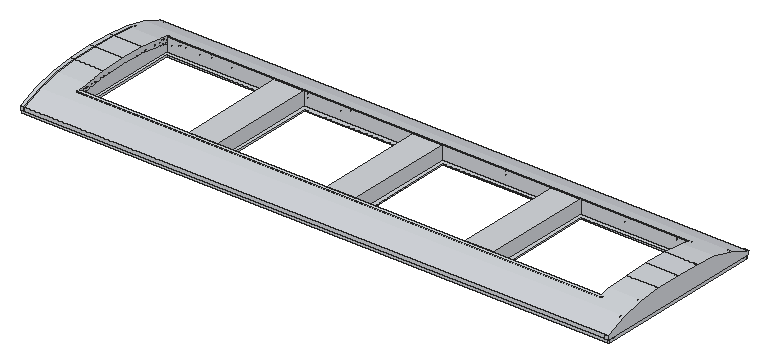
Revit family "Gira_021408", category Electrical Fixtures, host Face, Revit 2017
Family settings
  Host = Face
  Maintain Annotation Orientation = No
  Round Connector Dimension = Use Diameter
  Part Type = Normal
  Cut with Voids When Loaded = No
  Shared = No
  Room Calculation Point = No
Parameters (values of type "Cov.fr. 4-g interm.fr. AN Gira Event anthra.")
  With mounting grid = "No"
  With hinged lid = "No"
  URL = "http://katalog.gira.de/en/datenblatt.html?artikelnr=021408"
  Type of fastening = "Clamping/screw mounting"
  Transparent = "No"
  Surface protection = "Other"
  Suitable for wall duct = "No"
  Suitable for flush-mounted installation = "Yes"
  Suitable for floor box = "No"
  Suitable for built-in installation = "No"
  Number of units vertical = "4"
  Number of units horizontal = "4"
  Number of units = "4"
  Name = "Cov.fr. 4-g interm.fr. AN Gira Event anthra."
  Mounting direction = "Horizontal and vertical"
  Material quality = "Thermoplastic"
  Material = "Plastic"
  Manufacturer URL = "https://www.gira.de/"
  Manufacturer = "Gira"
  Label space/information surface = "No"
  Keynote = ""
  HeinzeBIM = "https://bimportal.heinze.de/bim/cov-fr-4-g-interm-fr-an-gira-event-anthra-/8ce235fbb7c2bad4573b0f094711a054ee8a3f30"
  Halogen free = "Yes"
  HAN = "021408"
  GTIN = "4010337214083"
  Description = "Cov.fr.4g i.fr.AN Event AN,Gira Event frames,anthracite with anthracite intermediate frame,4-gang,Features:,- Shatter-proof."
  Degree of protection (IP) = "IP20"
  Default Elevation = 1219.2 mm
  Data sheet (1) = "https://katalog.gira.de/en/download.html?artikelnr=021408"
  Colour = "Anthracite"
  Category = "Cover frame for domestic switching devices"
  BIM (1) = "https://media.stage.bim.site/public/gira/36a6b08/Event_Rahmen_4fach.rfa"
  Available = "No"
Reference planes
  plane 1 "Center (Front/Back)": y = 0
  plane 2: z = 0
  plane 3 "Center (Left/Right)": x = 0
Forms (mm)
  Extrusion 1, solid, detail levels fine
    sketch origin (0, 0, 0.05) x (0, 1, 0) y (0, 0, 1)
      loop
        arc (12.445, 9.683) -> (6.223, 9.833) -> (0, 9.85) r 291.636
        arc (0, 9.85) -> (-6.223, 9.833) -> (-12.445, 9.683) r 291.636
        arc (-12.445, 9.683) -> (-29.14, 7.482) -> (-45, 1.823) r 79.728
        line (-45, 1.823) -> (-45, -0.05) -> (-42.086, -0.05)
        arc (-42.086, -0.05) -> (-21.385, 5.559) -> (0, 7.206) r 114.424
        arc (0, 7.206) -> (21.385, 5.559) -> (42.086, -0.05) r 114.424
        line (42.086, -0.05) -> (45, -0.05) -> (45, 1.823)
        arc (45, 1.823) -> (29.14, 7.482) -> (12.445, 9.683) r 79.728
    from -151.95 to 151.935
  Extrusion 2, void, detail levels fine
    sketch origin (0, 0, 0) x (1, 0, 0) y (0, 1, 0)
      loop
        line (134.95, 28.035) -> (-134.95, 28.035) -> (-134.95, -28.035) -> (134.95, -28.035) -> (134.95, 28.035)
    from 0.724 to 11
  Extrusion 3, solid, detail levels coarse
    sketch origin (0, 0, 0) x (1, 0, 0) y (0, 1, 0)
      loop
        line (-151.95, 45) -> (-151.95, -45) -> (151.935, -45) -> (151.935, 45) -> (-151.95, 45)
    from -1.5 to 9.9
  Extrusion 4, solid, detail levels medium
    sketch origin (0, 0, 0.05) x (0, 1, 0) y (0, 0, 1)
      loop
        arc (12.445, 9.683) -> (6.223, 9.833) -> (0, 9.85) r 291.636
        arc (0, 9.85) -> (-6.223, 9.833) -> (-12.445, 9.683) r 291.636
        arc (-12.445, 9.683) -> (-29.14, 7.482) -> (-45, 1.823) r 79.728
        line (-45, 1.823) -> (-45, -0.05) -> (45, -0.05) -> (45, 1.823)
        arc (45, 1.823) -> (29.14, 7.482) -> (12.445, 9.683) r 79.728
    from -151.95 to 151.935
  Extrusion 5, solid, detail levels fine
    sketch origin (-106.95, 0, -1.5) x (0, 1, 0) y (0, 0, -1)
      loop
        line (45, -3.373) -> (45, -1.5) -> (-45, -1.5) -> (-45, -3.373)
        arc (-45, -3.373) -> (-29.14, -9.032) -> (-12.445, -11.233) r 79.728
        arc (-12.445, -11.233) -> (-6.223, -11.383) -> (0, -11.4) r 291.636
        arc (0, -11.4) -> (6.223, -11.383) -> (12.445, -11.233) r 291.636
        arc (12.445, -11.233) -> (29.14, -9.032) -> (45, -3.373) r 79.728
    from 43 to 45
  Extrusion 6, solid, detail levels fine
    sketch origin (0, 0, 0) x (1, 0, 0) y (0, 1, 0)
      loop
        line (-132.85, 25.7) -> (-132.85, -25.7) -> (-81.05, -25.7) -> (-81.05, 25.7) -> (-132.85, 25.7)
      loop
        line (-9.755, -25.7) -> (-9.755, 25.7) -> (-61.555, 25.7) -> (-61.555, -25.7) -> (-9.755, -25.7)
      loop
        line (-135.845, 28.49) -> (-135.845, -28.495)
        spline (-135.845, -28.495) -> (-135.836, -28.625) -> (-135.811, -28.754) -> (-135.769, -28.878) -> (-135.711, -28.995) -> (-135.638, -29.104) -> (-135.552, -29.202) -> (-135.454, -29.288) -> (-135.345, -29.361) -> (-135.228, -29.419) -> (-135.104, -29.461) -> (-134.975, -29.486) -> (-134.845, -29.495)
        line (-134.845, -29.495) -> (134.845, -29.495)
        spline (134.845, -29.495) -> (134.975, -29.486) -> (135.104, -29.461) -> (135.228, -29.419) -> (135.345, -29.361) -> (135.454, -29.288) -> (135.552, -29.202) -> (135.638, -29.104) -> (135.711, -28.995) -> (135.769, -28.878) -> (135.811, -28.754) -> (135.836, -28.625) -> (135.845, -28.495)
        line (135.845, -28.495) -> (135.845, 28.49)
        spline (135.845, 28.49) -> (135.836, 28.62) -> (135.811, 28.748) -> (135.769, 28.872) -> (135.711, 28.99) -> (135.638, 29.098) -> (135.552, 29.197) -> (135.454, 29.283) -> (135.345, 29.356) -> (135.228, 29.413) -> (135.104, 29.456) -> (134.975, 29.481) -> (134.845, 29.49)
        line (134.845, 29.49) -> (-134.845, 29.49)
        spline (-134.845, 29.49) -> (-134.975, 29.481) -> (-135.104, 29.456) -> (-135.228, 29.413) -> (-135.345, 29.356) -> (-135.454, 29.283) -> (-135.552, 29.197) -> (-135.638, 29.098) -> (-135.711, 28.99) -> (-135.769, 28.872) -> (-135.811, 28.748) -> (-135.836, 28.62) -> (-135.845, 28.49)
      loop
        line (61.545, -25.7) -> (61.545, 25.7) -> (9.745, 25.7) -> (9.745, -25.7) -> (61.545, -25.7)
      loop
        line (132.85, -25.7) -> (132.85, 25.7) -> (81.05, 25.7) -> (81.05, -25.7) -> (132.85, -25.7)
    from 0.1 to 7.3
  Extrusion 7, solid
    sketch origin (0, 0, 0) x (1, 0, 0) y (0, 1, 0)
      loop
        arc (-151.65, -44.218) -> (-151.504, -44.572) -> (-151.15, -44.718) r 0.5
        line (-151.15, -44.718) -> (151.15, -44.718)
        arc (151.15, -44.718) -> (151.504, -44.572) -> (151.65, -44.218) r 0.5
        line (151.65, -44.218) -> (151.65, 44.182)
        arc (151.65, 44.182) -> (151.504, 44.535) -> (151.15, 44.682) r 0.5
        line (151.15, 44.682) -> (-151.15, 44.682)
        arc (-151.15, 44.682) -> (-151.504, 44.535) -> (-151.65, 44.182) r 0.5
        line (-151.65, 44.182) -> (-151.65, -44.218)
      loop
        line (-149.95, 42.982) -> (-149.95, -43.018) -> (149.95, -43.018) -> (149.95, 42.982) -> (-149.95, 42.982)
    from -1.5 to 0.5
  Extrusion 8, solid, detail levels fine
    sketch origin (106.935, 0, -1.5) x (0, 1, 0) y (0, 0, 1)
      loop
        arc (45, 3.373) -> (29.14, 9.032) -> (12.445, 11.233) r 79.728
        arc (12.445, 11.233) -> (6.223, 11.383) -> (0, 11.4) r 291.636
        arc (0, 11.4) -> (-6.223, 11.383) -> (-12.445, 11.233) r 291.636
        arc (-12.445, 11.233) -> (-29.14, 9.032) -> (-45, 3.373) r 79.728
        line (-45, 3.373) -> (-45, 1.5) -> (45, 1.5) -> (45, 3.373)
    from 43 to 45
  Extrusion 9, solid, detail levels medium
    sketch origin (0, 0, 0) x (1, 0, 0) y (0, 1, 0)
      loop
        line (-151.65, -44.718) -> (151.65, -44.718) -> (151.65, 44.682) -> (-151.65, 44.682) -> (-151.65, -44.718)
    from -1.5 to 0.5
  Extrusion 10, solid, detail levels fine
    sketch origin (-69.857, 0, 0) x (1, 0, 0) y (0, 1, 0)
      loop
        line (-8.943, 28.063) -> (-8.943, -27.937) -> (6.057, -27.937) -> (6.057, 28.063) -> (-8.943, 28.063)
    from 0.724 to 7.566
  Extrusion 11, solid, detail levels fine
    sketch origin (-1.443, 0, 0) x (-1, 0, 0) y (0, -1, 0)
      loop
        line (-8.943, -28.063) -> (6.057, -28.063) -> (6.057, 27.937) -> (-8.943, 27.937) -> (-8.943, -28.063)
    from 0.724 to 7.566
  Extrusion 12, solid, detail levels fine
    sketch origin (69.857, 0, 0) x (-1, 0, 0) y (0, -1, 0)
      loop
        line (-8.943, -28.063) -> (6.057, -28.063) -> (6.057, 27.937) -> (-8.943, 27.937) -> (-8.943, -28.063)
    from 0.724 to 7.566
Cuts and joins
  Extrusion 2 cuts Extrusion 1
  Extrusion 2 cuts Extrusion 6
Dimensions and locks
  aligned and locked: plane 2 to host face
  aligned and locked: level to host face
